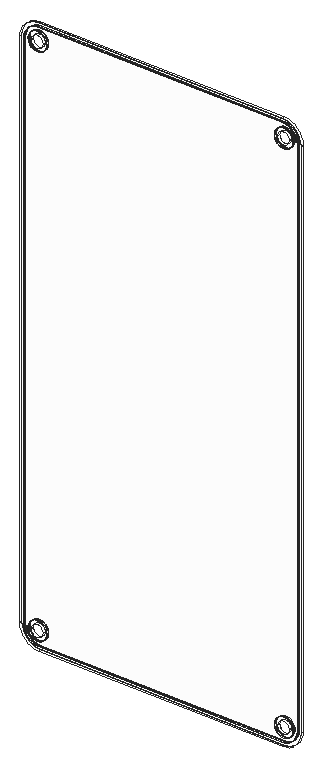
Revit family "okamura_MT25EA_スプリント_ボードオプション_アクリルボード透明_600W×1200H", category 家具, Revit 2017
Family settings
  OmniClass 番号 = 23.40.20.00
  OmniClass タイトル = General Furniture and Specialties
  作業面に基づく = いいえ
  常に垂直 = はい
  ロード時にボイドで切り取り = いいえ
  共有 = いいえ
  部屋計算ポイント = いいえ
Parameters (values of type "H344（アクリルボード透明）")
  製造元 = "株式会社オカムラ"
  製品名称 [instance] = "スプリント"  # constant formula
  製品仕様 [instance] = "アクリルボード透明 1200H"  # constant formula
  製品コード/色仕様 = "MT25EA"  # constant formula
  製品コード [instance] = "MT25EA"  # constant formula
  製品カテゴリ = "クリエイティブファニチュア"  # constant formula
  色仕様名称 [instance] = "アクリルボード透明"
  色仕様コード [instance] = "H344"
  本体 = okm_H344
  導入日 [instance] = ""
  区分 = "ボードオプション"  # constant formula
  共通仕様 = ""
  備考 = ""
  シリアルNo [instance] = ""
  キーノート = "12490"
  アセンブリ コード = "E2020200"
  W = 600.0 mm
  URL = "http://www.okamura.co.jp/"
  Product_URL = ""
  ID [instance] = ""
  H = 1200.0 mm
  D = 6.0 mm
  Copyright [instance] = "©2021.08 okamura Corp."  # constant formula
Reference planes
  plane 1 "中心(正面/背面)": y = 0
  plane 2: z = 0
  plane 3 "中心(左/右)": x = 0
  plane 4 "左": x = -300
  plane 5 "右": x = 300
  plane 6 "背面": y = 3
  plane 7 "正面": y = -3
  plane 8 "上": z = 1200
Forms (mm)
  Extrusion 1, solid, material "okm_H344" <- "本体"
    sketch origin (0, 0, 0) x (1, 0, 0) y (0, 0, 1)
      loop
        line (260.25, 1191.25) -> (-260.25, 1191.25)
        arc (-260.25, 1191.25) -> (-282.17, 1182.17) -> (-291.25, 1160.25) r 31
        line (-291.25, 1160.25) -> (-291.25, 39.75)
        arc (-291.25, 39.75) -> (-282.17, 17.83) -> (-260.25, 8.75) r 31
        line (-260.25, 8.75) -> (260.25, 8.75)
        arc (260.25, 8.75) -> (282.17, 17.83) -> (291.25, 39.75) r 31
        line (291.25, 39.75) -> (291.25, 1160.25)
        arc (291.25, 1160.25) -> (282.17, 1182.17) -> (260.25, 1191.25) r 31
      loop
        circle (-262.523, 1162.562) r 20
      loop
        circle (-262.523, 37.437) r 20
      loop
        circle (262.523, 1162.562) r 20
      loop
        circle (262.523, 37.437) r 20
    from -1.5 to 1.5
  Extrusion 2, solid, material "okm_H344" <- "本体"
    sketch origin (0, 0, 0) x (1, 0, 0) y (0, 0, 1)
      loop
        circle (262.523, 1162.562) r 20
      loop
        arc (291.25, 1160.25) -> (282.17, 1182.17) -> (260.25, 1191.25) r 31
        line (260.25, 1191.25) -> (-260.25, 1191.25)
        arc (-260.25, 1191.25) -> (-282.17, 1182.17) -> (-291.25, 1160.25) r 31
        line (-291.25, 1160.25) -> (-291.25, 39.75)
        arc (-291.25, 39.75) -> (-282.17, 17.83) -> (-260.25, 8.75) r 31
        line (-260.25, 8.75) -> (260.25, 8.75)
        arc (260.25, 8.75) -> (282.17, 17.83) -> (291.25, 39.75) r 31
        line (291.25, 39.75) -> (291.25, 1160.25)
      loop
        circle (-262.523, 1162.562) r 20
      loop
        circle (262.523, 37.437) r 20
      loop
        circle (-262.523, 37.437) r 20
      loop
        circle (-262.523, 37.437) r 12.5
      loop
        circle (262.523, 37.437) r 12.5
      loop
        circle (262.523, 1162.562) r 12.5
      loop
        circle (-262.523, 1162.562) r 12.5
      loop
        arc (-260, 1200) -> (-288.284, 1188.284) -> (-300, 1160) r 40
        line (-300, 1160) -> (-300, 40)
        arc (-300, 40) -> (-288.284, 11.716) -> (-260, 0) r 40
        line (-260, 0) -> (260, 0)
        arc (260, 0) -> (288.284, 11.716) -> (300, 40) r 40
        line (300, 40) -> (300, 1160)
        arc (300, 1160) -> (288.284, 1188.284) -> (260, 1200) r 40
        line (260, 1200) -> (-260, 1200)
    from -3 to 3
Lines and regions (mm)
  Masking region 1
    outline origin (0, 0, 0) x (1, 0, 0) y (0, 1, 0)
      loop
        line (-300, 3) -> (-300, -3) -> (300, -3) -> (300, 3) -> (-300, 3)
  symbolic lines, style "okm_標準・詳細", detail levels medium+fine
    curve 1: line (300, 3, 0) -> (-300, 3, 0)
    curve 2: line (300, -3, 0) -> (300, 3, 0)
    curve 3: line (-300, -3, 0) -> (300, -3, 0)
    curve 4: line (-300, 3, 0) -> (-300, -3, 0)
  symbolic lines, style "okm_簡略", detail levels coarse
    curve 5: line (-300, 3, 0) -> (300, 3, 0)
    curve 6: line (-300, -3, 0) -> (-300, 3, 0)
    curve 7: line (300, -3, 0) -> (-300, -3, 0)
    curve 8: line (300, 3, 0) -> (300, -3, 0)
Dimensions and locks
  equal spacing: plane 4 "左", plane 3 "中心(左/右)", plane 5 "右"
  "W": plane 4 "左" to plane 5 "右"
  equal spacing: plane 7 "正面", plane 1 "中心(正面/背面)", plane 6 "背面"
  "D": plane 7 "正面" to plane 6 "背面"
  "H": plane 8 "上" to level
  aligned and locked: level to plane 2
Automatic sketch dimensions
  plane 4 "左" to Extrusion 1 sketch curve = 8.75 mm
  Extrusion 1 sketch curve to Extrusion 1 sketch curve = 28.727 mm  (x2)
  Extrusion 1 sketch curve to Extrusion 1 sketch curve = 2.273 mm  (x4)
  Extrusion 1 sketch curve to plane 5 "右" = 39.75 mm  (x2)
  Extrusion 1 sketch curve to plane 5 "右" = 8.75 mm
  level to Extrusion 1 sketch curve = 8.75 mm
  Extrusion 1 sketch curve to Extrusion 1 sketch curve = 2.313 mm  (x4)
  Extrusion 1 sketch curve to plane 8 "上" = 39.75 mm
  Extrusion 2 sketch curve to Extrusion 2 sketch curve = 0.0 mm  (x8)
  Extrusion 2 sketch curve to plane 4 "左" = 0.0 mm
  Extrusion 2 sketch curve to level = 0.0 mm
  Extrusion 2 sketch curve to plane 8 "上" = 0.0 mm
  Extrusion 2 sketch curve to plane 5 "右" = 0.0 mm
  plane 4 "左" to Extrusion 2 sketch curve = 8.75 mm
  Extrusion 2 sketch curve to Extrusion 2 sketch curve = 28.727 mm  (x2)
  Extrusion 2 sketch curve to Extrusion 2 sketch curve = 2.273 mm  (x4)
  Extrusion 2 sketch curve to plane 8 "上" = 8.75 mm
  Extrusion 2 sketch curve to Extrusion 2 sketch curve = 0.25 mm  (x4)
  Extrusion 2 sketch curve to plane 5 "右" = 40.0 mm  (x2)
  Extrusion 2 sketch curve to plane 5 "右" = 8.75 mm
  level to Extrusion 2 sketch curve = 8.75 mm
  Extrusion 2 sketch curve to Extrusion 2 sketch curve = 2.313 mm  (x4)
  Extrusion 2 sketch curve to Extrusion 2 sketch curve = 8.727 mm  (x2)
  Extrusion 2 sketch curve to Extrusion 2 sketch curve = 7.5 mm  (x4)
  Extrusion 2 sketch curve to Extrusion 2 sketch curve = 17.477 mm  (x2)
  Masking region 1 sketch curve to plane 4 "左" = 0.0 mm
  Masking region 1 sketch curve to plane 5 "右" = 0.0 mm
  plane 7 "正面" to Masking region 1 sketch curve = 0.0 mm
  plane 6 "背面" to Masking region 1 sketch curve = 0.0 mm
  curve 1 to plane 4 "左" = 0.0 mm
  curve 2 to plane 5 "右" = 0.0 mm
  plane 7 "正面" to curve 8 = 0.0 mm
  plane 6 "背面" to curve 2 = 0.0 mm
  radius of Extrusion 1 sketch curve = 20.0 mm  (x4)
